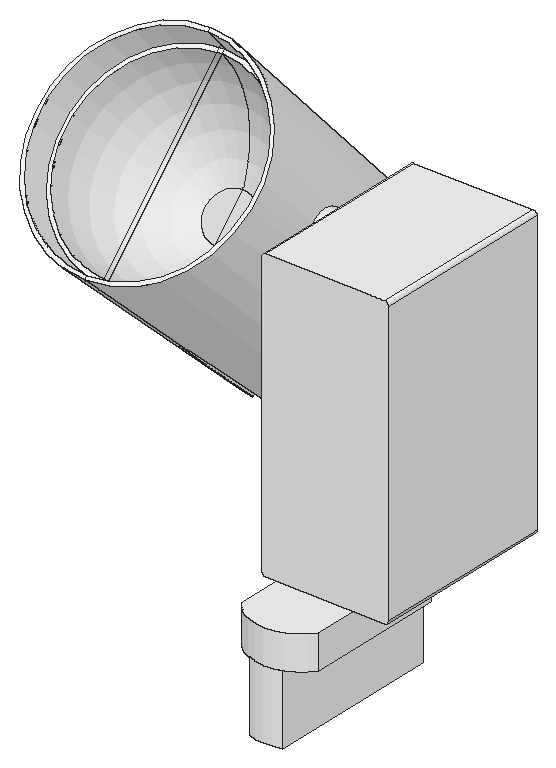
Revit family "0004813 Feilo Sylvania Lighting Fixture START TRACK SPOT S 14W 3K RA80 WB WHITE", category Lighting Fixtures, host Face, Revit 2017 (continued)
Definition of nested family "Start Track Spot Head"
  Types (96, lengths in mm): name | Wattage | built-in parameter 1150134 | Photometric Web File | Model | built-in parameter 1150105 | Lumens | built-in parameter 1150107 | built-in parameter 1150106 | HeadThickness_FEILO | HeadRibOffset_FEILO | HeadRibDepth_FEILO | HeadRibCutWidth_FEILO | HeadRibCutOffset_FEILO | HeadReflectorRadius_FEILO | HeadReflectorOffset_FEILO | HeadLEDRadius_FEILO | HeadHeight_FEILO | HeadDiffusorOffset_FEILO | HeadDiaOut_FEILO | HeadDiaIn_FEILO | HeadAxisFromTop_FEILO | Emit from Circle Diameter | built-in parameter 1150104 | Description | Apparent Load
    0004812 START TRACK SPOT S 14W 3K RA80 MB WHITE | 14 W | (empty or 0) | "0004812.ies" | "START TRACK SPOT S 14W 3K RA80 MB WHITE" | 120.32 (stored number, unit not read) | 1512 lm | 3000 (stored number, unit not read) | 1.2032 (stored number, unit not read) | 1.5 | 4.179 | 55.714 | 7.167 | 50.87 | 50.588 | 55.714 | 9.556 | 117 | 9.435 | 86 | 77.477 | 69.354 | 77.477 | 10.034 (stored number, unit not read) | "Integrated LED spotlight, Textured White - RAL9016, compact and minimalist design, ideal for retail applications, die-cast aluminium body, passive cooling heatsink. Beam angle: 36°, color temperature: 3000K , total system power: 14W, total fixture output: 1508 lm, LOR: 100%, colour rendering: Ra: 80 typical, LED Chromaticity: 3 step MacAdam ellipse, lifetime: >50000 hours at L70B50, energy class: A++, A+, A, IR/UV free light source without heat radiation, operating voltage: 220-240V / 50-60Hz, drive current: 350mA, electronic driver, non-dimmable, power factor: 0.92, electrical protection: Class II, Global Track 3 Phase adapter suitable for Global trac 3-circuit tracks, ingress protection rating: IP20, suitable for internal environment only, horizontal rotation: 355°, vertical tilt: 90°, dimensions: Ø86x140x200, weight: 0.940kg." | 14 VA
    0004811 START TRACK SPOT S 14W 3K RA80 NB WHITE | 14 W | (empty or 0) | "0004811.ies" | "START TRACK SPOT S 14W 3K RA80 NB WHITE" | 123.66 (stored number, unit not read) | 1554 lm | 3000 (stored number, unit not read) | 1.2366 (stored number, unit not read) | 1.5 | 4.179 | 55.714 | 7.167 | 50.87 | 50.588 | 55.714 | 9.556 | 117 | 9.435 | 86 | 77.477 | 69.354 | 77.477 | 10.312 (stored number, unit not read) | "Integrated LED spotlight, Textured White - RAL9016, compact and minimalist design, ideal for retail applications, die-cast aluminium body, passive cooling heatsink. Beam angle: 12°, color temperature: 3000K , total system power: 14W, total fixture output: 1551 lm, LOR: 100%, colour rendering: Ra: 80 typical, LED Chromaticity: 3 step MacAdam ellipse, lifetime: >50000 hours at L70B50, energy class: A++, A+, A, IR/UV free light source without heat radiation, operating voltage: 220-240V / 50-60Hz, drive current: 350mA, electronic driver, non-dimmable, power factor: 0.92, electrical protection: Class II, Global Track 3 Phase adapter suitable for Global trac 3-circuit tracks, ingress protection rating: IP20, suitable for internal environment only, horizontal rotation: 355°, vertical tilt: 90°, dimensions: Ø86x140x200, weight: 0.940kg." | 14 VA
  Reference planes
    plane 1 "Center (Front/Back)": y = 0
    plane 2: z = 0
    plane 3 "Center (Left/Right)": x = 0
    plane 4: x = 43
    plane 5: x = -43
    plane 6: x = -38.739
    plane 7: x = 38.739
    plane 8: z = 69.354
    plane 9: z = -47.646
    plane 10: x = -41.5
    plane 11: x = -37.239
    plane 12: z = -38.211
    plane 13: z = -35.211
    plane 14: z = 8.068
    plane 15: x = -9.556
    plane 16: x = -28.667
    plane 17: x = -19.111
    plane 18: x = -27.167
    plane 19: x = -17.611
    plane 20: x = -8.056
    plane 21: z = 13.64
    plane 22: x = -29.667
    plane 23: x = -26.167
    plane 24: x = -20.111
    plane 25: x = -16.611
    plane 26: x = -10.556
    plane 27: x = -7.056
    plane 28: x = -36.239
    plane 29: x = -40.5
    plane 30: z = 65.175
    plane 31: z = 60.997
    plane 32: z = 56.818
    plane 33: z = 18.484
    plane 34: y = -43
    plane 35: y = 43
    plane 36: y = 3.583
    plane 37: y = -3.583
    plane 38: y = -2.583
    plane 39: y = 2.583
    plane 40: y = 46
    plane 41: z = 13.5
    plane 42: z = -13.5
    plane 43: y = 39
    plane 44: x = 4.708
    plane 45: x = -2.458
    plane 46: x = -1.458
    plane 47: x = 1.458
  Forms (mm)
    Extrusion 1, solid
      sketch origin (4.2, 0, 0) x (1, 0, 0) y (0, 1, 0)
        loop
          line (-1219.2, 1219.2) -> (-1219.2, -1219.2) -> (1219.2, -1219.2) -> (1219.2, 1219.2) -> (-1219.2, 1219.2)
      from 0 to -68.017
    Revolve 2, solid, material <- "Material_1_FEILO", detail levels medium+fine
      sketch origin (0, 0, 0) x (1, 0, 0) y (0, 0, 1)
        loop
          line (-43, -47.646) -> (-41.5, -47.646) -> (-40.5, -35.211) -> (-38.739, -35.211)
          arc (-38.739, -35.211) -> (-30.16, -9.517) -> (-9.556, 8.068) r 50.588
          line (-9.556, 8.068) -> (0, 8.068) -> (0, 13.64) -> (-16.611, 13.64) -> (-17.611, 60.997) -> (-19.111, 60.997) -> (-20.111, 13.64) -> (-36.239, 13.64) -> (-37.239, 69.354) -> (-38.739, 69.354) -> (-43, -47.646)
        axis (0, 69.354) -> (0, -47.646)
      angle from 360 to 0
    Extrusion 3, void
      sketch origin (0, 0, 0) x (0, 1, 0) y (0, 0, 1)
        loop
          line (-3.583, 69.354) -> (-2.583, 18.484) -> (1.932, 18.484) -> (2.932, 69.354) -> (-3.583, 69.354)
      from 43 to -43
    Revolve 4, solid, material <- "Material_2_FEILO", detail levels medium+fine
      sketch origin (0, 0, 0) x (1, 0, 0) y (0, 0, 1)
        loop
          line (-41.5, -38.211) -> (0, -38.211) -> (0, -35.211) -> (-41.5, -35.211) -> (-41.5, -38.211)
        axis (0, -35.211) -> (0, -38.211)
      angle from 360 to 0
    Revolve 5, solid, material <- "Material_1_FEILO"
      sketch origin (0, 0, 0) x (0, 1, 0) y (0, 0, 1)
        loop
          line (46, 0) -> (39, 0) -> (39, -13.5) -> (46, -13.5) -> (46, 0)
        axis (39, 0) -> (46, 0)
      angle from 360 to 0
    Revolve 6, solid, material <- "Material_1_FEILO", detail levels medium+fine
      sketch origin (0, 0, 0) x (1, 0, 0) y (0, 0, 1)
        loop
          line (-29.667, 13.64) -> (-26.167, 13.64) -> (-27.167, 65.175) -> (-28.667, 65.175) -> (-29.667, 13.64)
        loop
          line (-10.556, 13.64) -> (-7.056, 13.64) -> (-7.833, 56.818) -> (-9.778, 56.818) -> (-10.556, 13.64)
        axis (0, 65.175) -> (0, 13.64)
      angle from 360 to 0
    Extrusion 7, void
      sketch origin (0, 0, 0) x (1, 0, 0) y (0, 0, 1)
        loop
          line (4.708, 69.354) -> (-2.458, 69.354) -> (-1.458, 13.64) -> (1.458, 13.64) -> (4.708, 69.354)
      from -43 to 43
    Revolve 8, solid, material <- "Material_1_FEILO", detail levels coarse
      sketch origin (0, 0, 0) x (1, 0, 0) y (0, 0, 1)
        loop
          line (0, 69.354) -> (-38.739, 69.354) -> (-43, -47.646) -> (-41.5, -47.646) -> (-40.731, -38.211) -> (0, -38.211) -> (0, 69.354)
        axis (0, 69.354) -> (0, -47.646)
      angle from 360 to 0
  Cuts and joins
    Extrusion 3 cuts Revolve 2
    Extrusion 7 cuts Revolve 6
  Dimensions and locks
    equal spacing: plane 7, plane 3 "Center (Left/Right)", plane 6
    equal spacing: plane 4, plane 3 "Center (Left/Right)", plane 5
    "HeadDiaOut_FEILO": plane 4 to plane 5
    "HeadDiaIn_FEILO": plane 7 to plane 6
    "HeadHeight_FEILO": plane 8 to plane 9
    "HeadThickness_FEILO": plane 10 to plane 5
    "HeadThickness_FEILO": plane 11 to plane 6
    "HeadDiffusorOffset_FEILO": plane 12 to plane 9
    "HeadDiffusorThickness_FEILO": plane 13 to plane 12
    "HeadReflectorOffset_FEILO": plane 14 to plane 9
    "HeadLEDRadius_FEILO": plane 3 "Center (Left/Right)" to plane 15
    "HeadLEDRadius_FEILO": plane 15 to plane 17
    "HeadLEDRadius_FEILO": plane 17 to plane 16
    "HeadThickness_FEILO": plane 18 to plane 16
    "HeadThickness_FEILO": plane 19 to plane 17
    "HeadThickness_FEILO": plane 20 to plane 15
    "HeadRibDepth_FEILO": plane 8 to plane 21
    "HeadDraft_FEILO": plane 16 to plane 22
    "HeadDraft_FEILO": plane 23 to plane 18
    "HeadDraft_FEILO": plane 17 to plane 24
    "HeadDraft_FEILO": plane 25 to plane 19
    "HeadDraft_FEILO": plane 15 to plane 26
    "HeadDraft_FEILO": plane 27 to plane 20
    "HeadDraft_FEILO": plane 29 to plane 10
    "HeadDraft_FEILO": plane 28 to plane 11
    "HeadRibOffset_FEILO": plane 8 to plane 30
    "HeadRibOffset_FEILO": plane 30 to plane 31
    "HeadRibOffset_FEILO": plane 31 to plane 32
    "HeadAxisFromTop_FEILO": plane 8 to plane 2
    "HeadRibCutOffset_FEILO": plane 8 to plane 33
    equal spacing: plane 34, plane 1 "Center (Front/Back)", plane 35
    "HeadDiaOut_FEILO": plane 34 to plane 35
    equal spacing: plane 38, plane 1 "Center (Front/Back)", plane 39
    equal spacing: plane 37, plane 1 "Center (Front/Back)", plane 36
    "HeadRibCutWidth_FEILO": plane 37 to plane 36
    "HeadDraft_FEILO": plane 37 to plane 38
    locked: plane 35 to plane 40 at 3
    equal spacing: plane 41, plane 2, plane 42
    locked: plane 42 to plane 41 at 27
    locked: plane 43 to plane 35 at 4
    equal spacing: plane 45, imposter light, plane 44
    "HeadDraft_FEILO": plane 46 to plane 45
    "HeadRibCutWidth_FEILO": plane 44 to plane 45
    equal spacing: plane 47, plane 3 "Center (Left/Right)", plane 46
    "HeadReflectorRadius_FEILO": radius of Revolve 2 sketch curve
    aligned and locked: plane 2 to Extrusion 1
    aligned and locked: level to Extrusion 1
    aligned and locked: Revolve 2 sketch curve to plane 3 "Center (Left/Right)"  (x2)
    aligned and locked: plane 9 to Revolve 2 sketch curve  (x2)
    aligned and locked: plane 5 to Revolve 2 sketch curve
    aligned and locked: plane 10 to Revolve 2 sketch curve
    aligned and locked: plane 14 to Revolve 2 sketch curve
    aligned and locked: plane 8 to Revolve 2 sketch curve
    aligned and locked: Revolve 2 sketch curve to plane 13
    aligned and locked: plane 12 to Revolve 4 sketch curve
    aligned and locked: plane 3 "Center (Left/Right)" to Revolve 4 sketch curve
    aligned and locked: Revolve 4 sketch curve to plane 10
    aligned and locked: Revolve 4 sketch curve to plane 3 "Center (Left/Right)"
    aligned and locked: plane 12 to imposter light
    aligned and locked: imposter light to plane 1 "Center (Front/Back)"
    aligned and locked: Revolve 5 sketch curve to plane 2
    aligned and locked: plane 43 to Revolve 5 sketch curve
    aligned and locked: plane 42 to Revolve 5 sketch curve
    aligned and locked: Revolve 6 sketch curve to plane 3 "Center (Left/Right)"
    aligned and locked: plane 22 to Revolve 6 sketch curve
    aligned and locked: plane 30 to Revolve 6 sketch curve
    aligned and locked: plane 23 to Revolve 6 sketch curve
    aligned and locked: Revolve 6 sketch curve to plane 21  (x2)
    aligned and locked: plane 21 to Revolve 6 sketch curve
    aligned and locked: plane 17 to Revolve 2 sketch curve
    aligned and locked: plane 19 to Revolve 2 sketch curve
    aligned and locked: plane 31 to Revolve 2 sketch curve
    aligned and locked: plane 21 to Revolve 2 sketch curve
    aligned and locked: Extrusion 3 to plane 8
    aligned and locked: plane 33 to Extrusion 3
    aligned and locked: plane 8 to Extrusion 3 sketch curve
    aligned and locked: Extrusion 3 sketch curve to plane 33
    aligned and locked: Extrusion 3 to plane 5
    aligned and locked: plane 4 to Extrusion 3
    aligned and locked: plane 32 to Revolve 6 sketch curve
    aligned and locked: plane 44 to Extrusion 7 sketch curve
    aligned and locked: Extrusion 7 sketch curve to plane 8
    aligned and locked: plane 46 to Extrusion 7 sketch curve
    aligned and locked: plane 21 to Extrusion 7 sketch curve
    aligned and locked: plane 34 to Extrusion 7
    aligned and locked: Extrusion 7 to plane 35
    aligned and locked: Revolve 4 sketch curve to plane 13
    aligned and locked: Revolve 5 sketch curve to plane 40
    aligned and locked: Revolve 8 sketch curve to plane 3 "Center (Left/Right)"
    aligned and locked: Revolve 8 sketch curve to cut or joined group of Revolve 2, Extrusion 3  (x3)
    aligned and locked: plane 5 to Revolve 8 sketch curve
    aligned and locked: plane 3 "Center (Left/Right)" to Revolve 8 sketch curve
    aligned and locked: plane 12 to Revolve 8 sketch curve
  Automatic sketch dimensions
    Extrusion 1 sketch curve to Extrusion 1 sketch curve = 2438.4 mm  (x2)
    Extrusion 3 sketch curve to plane 37 = 0 mm
    Extrusion 3 sketch curve to plane 38 = 0 mm
    plane 39 to Extrusion 3 sketch curve = 0.651 mm
    Extrusion 3 sketch curve to plane 39 = 0.349 mm
    Revolve 6 sketch curve to plane 16 = 0 mm
    Revolve 6 sketch curve to plane 18 = 0 mm
    Revolve 6 sketch curve to plane 26 = 0 mm
    Revolve 6 sketch curve to plane 27 = 0 mm
    Revolve 6 sketch curve to plane 15 = 0.222 mm
    plane 9 to Revolve 6 sketch curve = 559.103 mm
    Revolve 6 sketch curve to plane 8 = 2535.555 mm
    plane 20 to Revolve 6 sketch curve = 0.222 mm
    Revolve 2 sketch curve to plane 29 = 0 mm
    Revolve 2 sketch curve to plane 6 = 0 mm  (x2)
    Revolve 2 sketch curve to plane 11 = 0 mm
    Revolve 2 sketch curve to plane 21 = 0 mm
    Revolve 2 sketch curve to plane 28 = 0 mm
    Revolve 2 sketch curve to plane 24 = 0 mm
    Revolve 2 sketch curve to plane 25 = 0 mm
    Revolve 2 sketch curve to plane 15 = 0 mm
    Revolve 2 sketch curve to Revolve 2 sketch curve = 557.155 mm
    Revolve 2 sketch curve to plane 8 = 2535.558 mm
    Extrusion 7 sketch curve to plane 45 = 0 mm
    Extrusion 7 sketch curve to plane 47 = 0 mm
    plane 9 to Revolve 4 sketch curve = 559.103 mm
    Revolve 4 sketch curve to plane 8 = 2535.555 mm
    Revolve 5 sketch curve to level = 0 mm
    plane 34 to Revolve 5 sketch curve = 1968.092 mm
    Revolve 5 sketch curve to plane 40 = 1405.763 mm
    Revolve 8 sketch curve to plane 6 = 0 mm
    Revolve 8 sketch curve to plane 29 = 0.231 mm
    plane 9 to Revolve 8 sketch curve = 559.103 mm
    Revolve 8 sketch curve to Revolve 8 sketch curve = 2535.555 mm
Definition of nested family "Start Track Spot Box"
  Parameters (values of type "Type Large White")
    URL = "http://www.feilosylvania.com"
    Type Image = (empty or 0)
    Type Comments = "n/a"
    Small_FEILO = no
    Material_3_FEILO = none
    Model = ""
    Manufacturer = "Feilo Sylvania"
    Keynote = ""
    Material_2_FEILO = none
    Description = ""
    Default Elevation = 1219.2 mm
    Cost = 0
    Material_1_FEILO = none
    BoxWidth_FEILO = 49 mm
    BoxStartAngle_FEILO [instance] = 0.00°
    BoxRadius_FEILO = 1.5 mm
    BoxHeight_FEILO = if(Small_FEILO, 112 mm, 136 mm)  # 136 mm
    BoxEndAngle_FEILO [instance] = BoxStartAngle_FEILO - 180.00°  # -180.00°
    BoxDepth_FEILO = if(Small_FEILO, 71.5 mm, 79 mm)  # 79 mm
    BoxAxisVerticalOffset_FEILO = 16 mm
    BoxAxisOffset_FEILO = BoxHeight_FEILO / 6.8  # 20 mm
    Assembly Code = ""
    Material_4_FEILO = none
  Types (4, lengths in mm): name | Small_FEILO | BoxHeight_FEILO | BoxDepth_FEILO | BoxAxisOffset_FEILO
    Type Large White | no | 136 | 79 | 20
    Type Small White | yes | 112 | 71.5 | 16.471
    Type Small Black | yes | 112 | 71.5 | 16.471
    Type Large Black | no | 136 | 79 | 20
  Reference planes
    plane 1 "Center (Front/Back)": y = 0
    plane 2: z = 0
    plane 3 "Center (Left/Right)": x = 0
    plane 4: x = 24.5
    plane 5: x = -24.5
    plane 6: y = 68
    plane 7: y = -68
    plane 8: z = 39.5
    plane 9: z = -39.5
    plane 10: y = -48
    plane 11: x = 30.5
    plane 12: x = 8.5
    plane 13: x = 21.5
    plane 14: y = 70
    plane 15: y = 72
    plane 16: x = 19.5
  Forms (mm)
    Extrusion 1, solid
      sketch origin (4.2, 0, 0) x (1, 0, 0) y (0, 1, 0)
        loop
          line (-1219.2, 1219.2) -> (-1219.2, -1219.2) -> (1219.2, -1219.2) -> (1219.2, 1219.2) -> (-1219.2, 1219.2)
      from 0 to -68.017
    Extrusion 2, solid, material <- "Material_1_FEILO"
      sketch origin (0, 0, 0) x (1, 0, 0) y (0, 1, 0)
        loop
          arc (-23, 68) -> (-24.061, 67.561) -> (-24.5, 66.5) r 1.5
          line (-24.5, 66.5) -> (-24.5, -66.5)
          arc (-24.5, -66.5) -> (-24.061, -67.561) -> (-23, -68) r 1.5
          line (-23, -68) -> (23, -68)
          arc (23, -68) -> (24.061, -67.561) -> (24.5, -66.5) r 1.5
          line (24.5, -66.5) -> (24.5, 66.5)
          arc (24.5, 66.5) -> (24.061, 67.561) -> (23, 68) r 1.5
          line (23, 68) -> (-23, 68)
      from -39.5 to 39.5
    Revolve 3, solid, not visible
      sketch origin (0, 0, 0) x (1, 0, 0) y (0, 1, 0)
        loop
          line (30.5, -48) -> (24.5, -48) -> (24.5, -68) -> (30.5, -68) -> (30.5, -48)
        axis (30.5, -48) -> (24.5, -48)
      angle from 0 <- "BoxStartAngle_FEILO" to -180 <- "BoxEndAngle_FEILO"
    Revolve 4, solid, material <- "Material_2_FEILO"
      sketch origin (0, 0, 0) x (1, 0, 0) y (0, 1, 0)
        loop
          line (8.5, 68) -> (19.5, 68) -> (19.5, 70) -> (21.5, 70) -> (21.5, 72) -> (8.5, 72) -> (8.5, 68)
        axis (8.5, 72) -> (8.5, 68)
      angle from 360 to 0
  Dimensions and locks
    equal spacing: plane 5, plane 3 "Center (Left/Right)", plane 4
    "BoxWidth_FEILO": plane 5 to plane 4
    equal spacing: plane 7, plane 1 "Center (Front/Back)", plane 6
    "BoxHeight_FEILO": plane 7 to plane 6
    equal spacing: plane 8, plane 2, plane 9
    "BoxDepth_FEILO": plane 8 to plane 9
    "BoxAxisOffset_FEILO": plane 7 to plane 10
    locked: plane 4 to plane 11 at 6
    "BoxAxisVerticalOffset_FEILO": plane 12 to plane 4
    locked: plane 12 to plane 13 at 13
    plane 6 to plane 14 to plane 15 = 2 mm locked, 2 mm locked
    locked: plane 12 to plane 16 at 11
    "BoxRadius_FEILO": radius of Extrusion 2 sketch curve  (x4)
    aligned and locked: plane 2 to Extrusion 1
    aligned and locked: level to Extrusion 1
    aligned and locked: plane 6 to Extrusion 2 sketch curve
    aligned and locked: plane 5 to Extrusion 2 sketch curve
    aligned and locked: Extrusion 2 sketch curve to plane 7
    aligned and locked: Extrusion 2 sketch curve to plane 4
    aligned and locked: Extrusion 2 to plane 8
    aligned and locked: plane 9 to Extrusion 2
    aligned and locked: Revolve 3 sketch curve to plane 10  (x2)
    aligned and locked: plane 11 to Revolve 3 sketch curve
    aligned and locked: Revolve 3 sketch curve to plane 4
    aligned and locked: plane 7 to Revolve 3 sketch curve
    aligned and locked: Revolve 4 sketch curve to plane 12
    aligned and locked: plane 6 to Revolve 4 sketch curve
    aligned and locked: plane 12 to Revolve 4 sketch curve
    aligned and locked: plane 15 to Revolve 4 sketch curve
    aligned and locked: Revolve 4 sketch curve to plane 13
    aligned and locked: Revolve 4 sketch curve to plane 14
    aligned and locked: Revolve 4 sketch curve to plane 16
    aligned and locked: Revolve 4 sketch curve to plane 6
  Automatic sketch dimensions
    Extrusion 1 sketch curve to Extrusion 1 sketch curve = 2438.4 mm  (x2)
    Revolve 3 sketch curve to plane 5 = 1499.5 mm
    plane 11 to Revolve 3 sketch curve = 1493.5 mm
    plane 15 to Revolve 4 sketch curve = 0 mm
    plane 7 to Revolve 4 sketch curve = 1456 mm
    Revolve 4 sketch curve to plane 15 = 1452 mm
